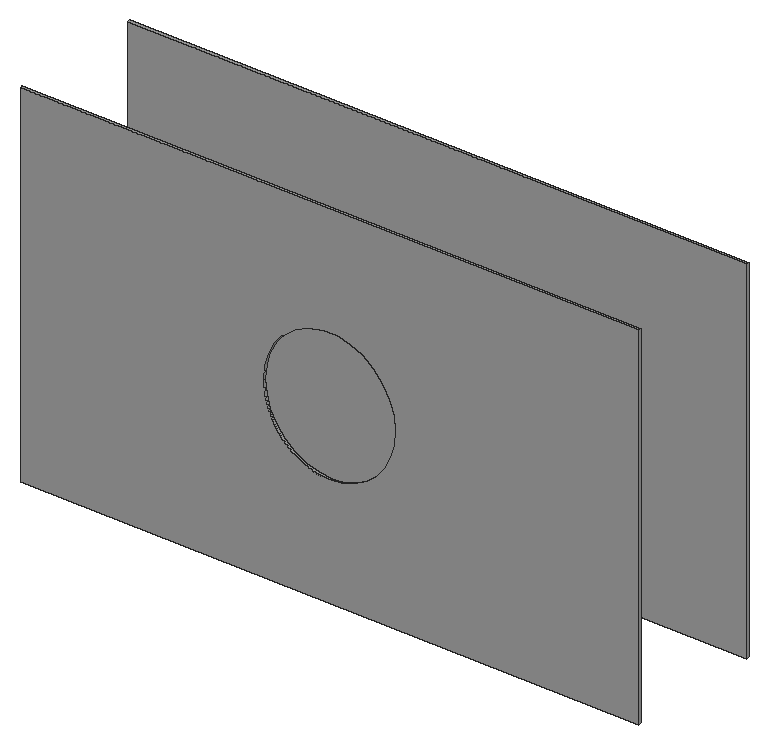
Revit family "Firestop-Composite_Sheet-STI-Round_Duct_Both_Sides_Of_Wall", category Specialty Equipment, host Wall, Revit 2026
Family settings
  Host = Wall
  Round Connector Dimension = Use Diameter
  Part Type = Normal
  Classification Number = 23.20.50.14.11
  Enable Cutting in Views = No
  Always vertical = Yes
  Cut with Voids When Loaded = No
  Maintain Annotation Orientation = No
  Shared = No
  Room Calculation Point = No
Parameters (values of type "CS1628")
  wall opening width_cala [instance] = if(wall opening width < 48' 0", wall opening width, 48' 0")  # 1' - 0"
  wall opening width [instance] = 1' - 0"
  wall opening length [instance] = 2' - 0"
  wall opening lenght_cala [instance] = if(wall opening length < 48' 0", wall opening length, 48' 0")  # 2' - 0"
  URL = "http://www.stifirestop.com/"
  Tested Systems = "https://systems.stifirestop.com/"
  Product Page URL = "http://www.stifirestop.com/products/product-selector/cs-composite-sheet/"
  Product Documentation Link = "http://files.systems.stifirestop.com/4.%20Product%20Data%20Sheets/1.%20English/PDS_Composite%20Sheet.pdf"
  OD Duct_cala [instance] = if(OD Duct < 47' 0", OD Duct, 47' 0")  # 0' - 6"
  OD Duct [instance] = 0' - 6"
  Model Part = "CS1628"
  Model = "Composite Sheet"
  Manufacturer Phone No. = "800.992.1180"
  Manufacturer Fax No. = "908.526.9623"
  Manufacturer = "Specified Technologies Inc."
  Manufacture Address = "210 Evans Way, Somerville, NJ 08876"
  MSDS = "http://files.systems.stifirestop.com/5.%20Safety%20Data%20Sheet/1.%20English/SDS_Composite%20Sheet.pdf"
  Locate Distributor = "http://www.stifirestop.com/"
  Keynote = ""
  Guide Specification = "http://www.stifirestop.com/technical-library/sti-guide-specs/"
  LEED Information = "http://files.systems.stifirestop.com/7.%20Additional%20Docs%2FLEED%2FGeneral%20LEED%20Letter.pdf"
  Fire Rating = "Up to 4 Hr"
  Description = "Composite Sheet 16 x 28 in. (41 x 71 cm.)"
  Default Elevation = 0' - 0"
  Contact Technical Service = "http://www.stifirestop.com/contact/"
  Composite Sheet = Firestop-STI-CS-Composite_Sheet
  Contact Sales = "http://www.stifirestop.com/contact/"
  Assembly Code = "D4030900"
Types (6): name | wall opening width_cala | wall opening width | wall opening length | wall opening lenght_cala | Model Part | Description
  (no name) | 1' - 0" | 1' - 0" | 2' - 0" | 2' - 0" | "CS1628" | "Composite Sheet 16 x 28 in. (41 x 71 cm.)"
  CS1628 | 1' - 0" | 1' - 0" | 2' - 0" | 2' - 0" | "CS1628" | "Composite Sheet 16 x 28 in. (41 x 71 cm.)"
  CS2436 | 1' - 8" | 1' - 8" | 2' - 8" | 2' - 8" | "CS2436" | "Composite Sheet 24 x 36 in. (61 x 92 cm.)"
  CS3636 | 2' - 8" | 2' - 8" | 2' - 8" | 2' - 8" | "CS3636" | "Composite Sheet 36 x 36 in. (92 x 92 cm.)"
  CS3641 | 2' - 8" | 2' - 8" | 3' - 1" | 3' - 1" | "CS3641" | "Composite Sheet 36 x 41 in. (92 x 104 cm.)"
  CS2852 | 2' - 0" | 2' - 0" | 4' - 0" | 4' - 0" | "CS2852" | "Composite Sheet 28 x 52 in. (71 x 132 cm.)"
Reference planes (in)
  plane 1: y = 0
  plane 2 "Center (Left/Right)": x = 0
  plane 3 "Wall Edge": y = 3
  plane 4: z = 77.04286
  plane 5: z = 83.04286
  plane 6: z = 71.04286
  plane 7: x = 12
  plane 8: x = -12
  plane 9: x = 14
  plane 10: x = -14
  plane 11: z = 85.04286
  plane 12: z = 69.04286
  plane 13: y = 3.1
  plane 14: y = -3.1
  plane 15: x = 3
  plane 16: z = 80.04286
  plane 17: x = -3
  plane 18: z = 74.04286
Forms (in)
  Extrusion 1, solid, material "Firestop-STI-CS-Composite_Sheet" <- "Composite Sheet", detail levels fine
    sketch origin (0, 3, 0) x (1, 0, 0) y (0, 0, 1)
      loop
        line (14, 69.04286) -> (14, 85.04286) -> (-14, 85.04286) -> (-14, 69.04286) -> (14, 69.04286)
      loop
        circle (0.00552, 77.04291) r 3
    from -0.1 to 0
  Extrusion 2, solid, material "Firestop-STI-CS-Composite_Sheet" <- "Composite Sheet", detail levels fine
    sketch origin (0, 3, 0) x (1, 0, 0) y (0, 0, 1)
      loop
        line (14, 69.04286) -> (14, 85.04286) -> (-14, 85.04286) -> (-14, 69.04286) -> (14, 69.04286)
      loop
        circle (0.00552, 77.04291) r 3
    from 6 to 6.1
Lines and regions (in)
  Opening 1
    outline origin (-60, -3, 0) x (1, 0, 0) y (0, 0, 1)
      loop
        line (72, 71.04286) -> (72, 83.04286) -> (48, 83.04286) -> (48, 71.04286) -> (72, 71.04286)
  model lines
    curve 1: line (14, 3, 69.04286) -> (-14, 3, 69.04286)
    curve 2: line (-14, 3, 69.04286) -> (-14, 3, 85.04286)
    curve 3: line (-14, 3, 85.04286) -> (14, 3, 85.04286)
    curve 4: line (14, 3, 85.04286) -> (14, 3, 69.04286)
    curve 5: line (-14, 3, 69.04286) -> (14, 3, 69.04286)
    curve 6: line (14, 3, 69.04286) -> (14, 3, 85.04286)
    curve 7: line (14, 3, 85.04286) -> (-14, 3, 85.04286)
    curve 8: line (-14, 3, 85.04286) -> (-14, 3, 69.04286)
  symbolic lines
    curve 9: line (-14, 3.1, 0) -> (14, 3.1, 0)
    curve 10: line (-14, 3, 0) -> (-14, 3.1, 0)
    curve 11: line (14, 3, 0) -> (-14, 3, 0)
    curve 12: line (14, 3.1, 0) -> (14, 3, 0)
    curve 13: line (-14, -3, 0) -> (14, -3, 0)
    curve 14: line (-14, -3.1, 0) -> (-14, -3, 0)
    curve 15: line (14, -3.1, 0) -> (-14, -3.1, 0)
    curve 16: line (14, -3, 0) -> (14, -3.1, 0)
Text (in)
  text "Placement Side" at (0, 40.15149, 123.01588), in view "Right"
  text "Placement Side" at (-70.3804, 28.46503, 0), in view "Ref. Level"
  text "Placement Side" at (0, 81.62555, 140.59947), in view "Left"
Dimensions and locks (in)
  locked: plane 3 "Wall Edge" to host wall
  locked: plane 13 to plane 3 "Wall Edge" at 0.1
  equal spacing: plane 13, host wall, plane 14, locked at 3.1 each
  locked: plane 9 to plane 7 at 2
  locked: plane 10 to plane 8 at 2
  locked: plane 12 to plane 6 at 2
  locked: plane 5 to plane 11 at 2
  "wall opening width_cala": plane 6 to plane 5
  "wall opening lenght_cala": plane 7 to plane 8
  equal spacing: plane 7, plane 2 "Center (Left/Right)", plane 8
  equal spacing: plane 6, plane 4, plane 5
  equal spacing: plane 15, plane 2 "Center (Left/Right)", plane 17
  equal spacing: plane 18, plane 4, plane 16
  "OD Duct_cala": plane 15 to plane 17
  "OD Duct_cala": plane 18 to plane 16
  aligned and locked: Opening 1 sketch curve to plane 6
  aligned and locked: Opening 1 sketch curve to plane 7
  aligned and locked: Opening 1 sketch curve to plane 5
  aligned and locked: Opening 1 sketch curve to plane 8
  aligned and locked: plane 12 to curve 5
  aligned and locked: plane 11 to curve 7
  aligned and locked: plane 10 to curve 8
  aligned and locked: plane 12 to Extrusion 1
  aligned and locked: plane 11 to Extrusion 1
  aligned and locked: plane 10 to Extrusion 1
  aligned and locked: plane 9 to Extrusion 1
  aligned and locked: Extrusion 1 to host wall
  aligned and locked: plane 13 to Extrusion 1
  aligned and locked: Extrusion 2 sketch curve to curve 1
  aligned and locked: Extrusion 2 sketch curve to curve 4
  aligned and locked: Extrusion 2 sketch curve to curve 3
  aligned and locked: Extrusion 2 sketch curve to curve 2
  aligned and locked: Extrusion 2 sketch curve to Extrusion 1
  aligned and locked: plane 14 to Extrusion 2
  aligned and locked: Extrusion 2 to host wall
  aligned and locked: curve 9 to Extrusion 1
  aligned and locked: curve 10 to Extrusion 1
  aligned and locked: curve 11 to Extrusion 1
  aligned and locked: curve 12 to Extrusion 1
  aligned and locked: curve 13 to Extrusion 2
  aligned and locked: curve 14 to Extrusion 2
  aligned and locked: curve 15 to Extrusion 2
  aligned and locked: curve 16 to Extrusion 2
Automatic sketch dimensions
  curve 5 to plane 9 = 0' - 0"
  Extrusion 1 sketch curve to Extrusion 1 sketch curve = 0' - 0"  (x2)
  plane 10 to Extrusion 1 sketch curve = 0' - 0"
  plane 4 to Extrusion 1 sketch curve = 0' - 0.00005"
  Extrusion 1 sketch curve to plane 17 = 0' - 0.00552"
  plane 2 "Center (Left/Right)" to Extrusion 1 sketch curve = 0' - 0.00552"
  plane 9 to Extrusion 1 sketch curve = 0' - 0"
  plane 12 to Extrusion 1 sketch curve = 0' - 0"
  plane 11 to Extrusion 1 sketch curve = 0' - 0"
  Extrusion 2 sketch curve to plane 17 = 0' - 0.00552"
  plane 2 "Center (Left/Right)" to Extrusion 2 sketch curve = 0' - 0.00552"
